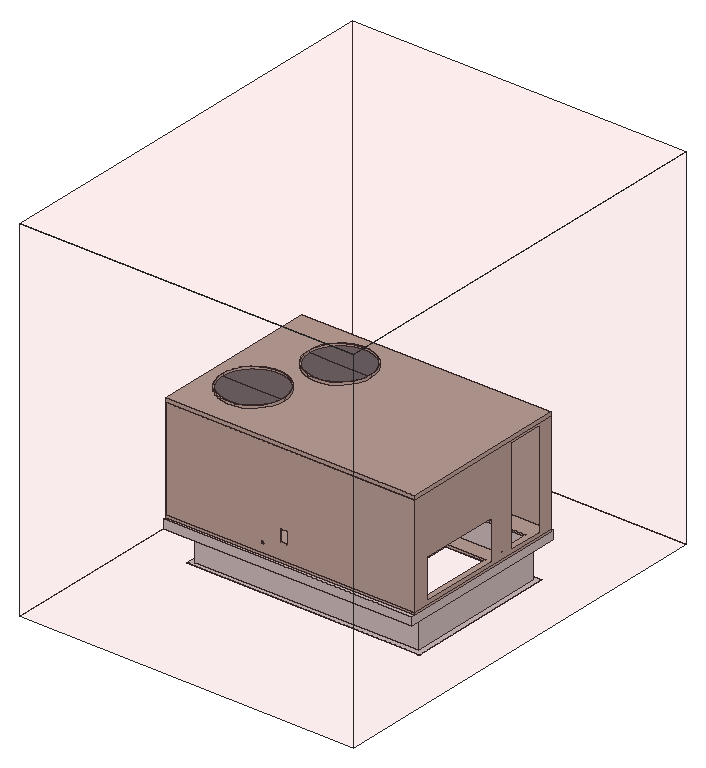
Revit family "CDR-ZYA7, ZX08, ZY07, XY07, XYA7", category Mechanical Equipment, Revit 2018
Family settings
  Round Connector Dimension = Use Diameter
  Part Type = Normal
  Work Plane-Based = No
  Always vertical = Yes
  Cut with Voids When Loaded = No
  Shared = No
  Room Calculation Point = No
Parameters (values of type "ZX08 - 7.5 Ton")
  Width = 61.690"  # constant formula
  Voltage = 208 V
  URL = "www.johnsoncontrols.com"
  Temperature Rise Range [instance] = 0 °F
  Supply Fan HP = 0 VA
  Supply Fan Full Load Current = 0 A
  Supply Air Connection Width (Optional) = 28 97/256"  # constant formula
  Supply Air Connection Width = 14"  # constant formula
  Supply Air Connection Height (Optional) = 13 225/256"  # constant formula
  Supply Air Connection Height = 28 3/4"  # constant formula
  Steady State Efficiency [instance] = 0
  Static Resistance [instance] = 0
  Standard Capacity Evaporator [instance] = "0"
  Show Clearance [instance] = yes
  Serial Number [instance] = ""
  Seasonal Energy Efficiency Rating [instance] = 0
  Return Air Dry Bulb Temperature [instance] = 0 °F
  Return Air Connection Width (Optional) = 12 161/256"  # constant formula
  Return Air Connection Width = 36 97/256"  # constant formula
  Return Air Connection Height (Optional) = 33 3/4"  # constant formula
  Return Air Connection Height = 12 161/256"  # constant formula
  Refrigerant Used = "R-410A"  # constant formula
  Refrigerant Charge System Two = 4.75 lbf
  Refrigerant Charge System One = 4.50 lbf
  Product Page URL = ""
  Product Documentation Link = ""
  Power Factor = 1  # constant formula
  Outdoor Ambient Temperature [instance] = 0 °F
  Outdoor Air Wet Bulb Temperature [instance] = 0 °F
  Operating Weight = 791.00 lbf
  OmniClass Title = "Packaged Rooftop Air Conditioning Units"  # constant formula
  OmniClass Number = "23.75.10.24.21.27.14"  # constant formula
  Number of Poles = 3
  Nominal Cooling Capacity = 7.5 ton
  Model = "ZX08"
  Maximum Overcurrent Protection = 0 A
  Manufacturer = "Johnson Controls, Inc."  # constant formula
  Length = 87.180"  # constant formula
  Keynote = ""
  Integrated Part Load Value = 0
  Height = 40.560"  # constant formula
  Gas Heating Performance MBH Output = 0 Btu/h
  Gas Heating Performance MBH Input = 0 Btu/h
  Gas Connection Diameter = 3/4"  # constant formula
  Frame Finish = Paint - JCI - Powder Coated - Galvanized Steel
  Filter Type = "2\""
  Filter Size and Quantity = "(16 x 20 x 2) - 4"  # constant formula
  Family Revision Date = "10/31/2017"  # constant formula
  Exhaust Fan HP [instance] = 0 VA
  Exhaust Air Flow = 0 CFM
  Exhaust Air Blower Full Load Current [instance] = 0 A
  Evaporator Coil Row Count = 3
  Evaporator Coil Fins per Inch = 15  # constant formula
  External Static Pressure [instance] = 0.00 in-wg
  Energy Efficiency Rating = 0
  Design Supply Air Flow [instance] = 0 CFM
  Description = "CDR Packaged Unit - 7.5 Ton Unit"
  Curb Width = 53.500"  # constant formula
  Curb Thicknes = 1.750"  # constant formula
  Curb Length = 81.750"  # constant formula
  Curb Height [instance] = 14.000"  # constant formula
  Curb Material = Metal - JCI - Steel - Galvanized With Wood Nailer
  Curb Exists [instance] = yes
  Copyright © = "Copyright © 2001-2017 Johnson Controls"  # constant formula
  Convenience Outlet Voltage [instance] = 0 V
  Convenience Outlet Full Load Current = 0 A
  Condenser Fan Quantity = 2  # constant formula
  Condenser Fan HP = 0 VA
  Condenser Fan Full Load Current = 0 A
  Condenser Fan Drive Type = "Direct"  # constant formula
  Condenser Fan Diameter = 22.000"  # constant formula
  Condenser Coils Fins per Inch = 23  # constant formula
  Condenser Coil Rows = 1
  Condensate Drain Flow [instance] = 0 GPM
  Condensate Drain Connection Diameter = 3/4"  # constant formula
  Compressor Type = "Scroll"  # constant formula
  Compressor Size = "0"  # constant formula
  Compressor Running Load Current = 0 A
  Compressor Quantity = 2
  Compressor Maximum Continuous Current = 0 A
  Compressor Locked Rotor Current = 0 A
  Clearance Top = 72.000"
  Clearance Right = 18.000"
  Clearance Left = 12.000"
  Clearance Front = 48.000"
  Clearance Bottom [instance] = if(Curb Exists, (Curb Height - Cabinet Base Thickness), 0.000")  # 10.940"
  Clearance Back = 36.000"
  Cabinet Base Thickness = 3.060"  # constant formula
  CTRL Curb Height [instance] = if(Curb Exists, Curb Height, Cabinet Base Thickness)  # 14.000"
  Assembly Code = ""
  Actual Supply Gas Connection Flow [instance] = 0 GPM
  Actual Supply Air Flow [instance] = 0 CFM
  Actual Return Air Flow [instance] = 0 CFM
Types (3): name | Refrigerant Charge System Two | Refrigerant Charge System One | Operating Weight | Nominal Cooling Capacity | Model | Description | Compressor Quantity
  (no name) | 4.75 lbf | 4.50 lbf | 791.00 lbf | 7.5 ton | "ZX08" | "CDR Packaged Unit - 7.5 Ton Unit" | 2
  ZX08 - 7.5 Ton | 4.75 lbf | 4.50 lbf | 791.00 lbf | 7.5 ton | "ZX08" | "CDR Packaged Unit - 7.5 Ton Unit" | 2
  ZY07 - 6 Ton | 0.00 lbf | 8.50 lbf | 734.00 lbf | 6.0 ton | "ZY07" | "CDR Packaged Unit - 6 Ton Unit" | 1
Reference planes (in)
  plane 1 "Center (Front/Back)": y = 0
  plane 2 "Curb Bottom": z = 0
  plane 3 "Center (Left/Right)": x = 0
  plane 4 "Left": x = -43.59
  plane 5 "Right": x = 43.59
  plane 6 "Back": y = 30.845
  plane 7 "Front": y = -30.845
  plane 8 "Curb Top": z = 10.94
  plane 9 "Top": z = 51.5
  plane 10 "Cabinet Base": z = 14
  plane 11 "Top Inset": z = 50.25
  plane 12: z = 14.75
  plane 13 "Curb Right": x = 42.84
  plane 14 "Curb Left": x = -38.91
  plane 15 "Curb Back": y = 26.75
  plane 16 "Curb Front": y = -26.75
Forms (in)
  Sweep 1, solid, material "Metal - JCI - Steel Galvanized", detail levels fine
    path origin (0, 0, 0) x (1, 0, 0) y (0, 0, 1)
      loop
        line (0, 10.94) -> (0, 14)
    profile origin (0, 0, 12.47) x (-1, 0, 0) y (0, -1, 0)
      loop
        line (43.46, -30.845) -> (43.46, 30.845) -> (-43.48, 30.845) -> (-43.48, -30.845) -> (43.46, -30.845)
      loop
        line (42.96, -27.275) -> (42.96, 27.275) -> (-42.98, 27.275) -> (-42.98, -27.275) -> (42.96, -27.275)
  Sweep 2, solid, material "Paint - JCI - Powder Coated - Galvanized Steel" <- "Frame Finish", detail levels fine
    path origin (0, 0, 0) x (1, 0, 0) y (0, 0, 1)
      loop
        line (0, 14.75) -> (0, 50.25)
    profile origin (0, 0, 32.5) x (-1, 0, 0) y (0, -1, 0)
      loop
        line (43.59, -29.795) -> (43.59, 29.795) -> (-43.59, 29.795) -> (-43.59, -29.795) -> (43.59, -29.795)
      loop
        line (43.56, -29.765) -> (43.56, 29.765) -> (-43.56, 29.765) -> (-43.56, -29.765) -> (43.56, -29.765)
  Sweep 3, solid, material "Paint - JCI - Powder Coated - Galvanized Steel" <- "Frame Finish", detail levels fine
    path origin (0, 0, 0) x (1, 0, 0) y (0, 0, 1)
      loop
        line (0, 50.25) -> (0, 51.5)
    profile origin (0, 0, 50.875) x (-1, 0, 0) y (0, -1, 0)
      loop
        line (-43.59, -29.795) -> (43.59, -29.795) -> (43.59, 29.795) -> (-43.59, 29.795) -> (-43.59, -29.795)
      loop
        circle (17.89, -14.165) r 11
      loop
        circle (28.33, 10.735) r 11
  Sweep 4, solid, material "Paint - JCI - Powder Coated - Galvanized Steel" <- "Frame Finish", detail levels fine
    path origin (0, 0, 0) x (1, 0, 0) y (0, 0, 1)
      loop
        line (0, 14) -> (0, 14.75)
    profile origin (0, 0, 14.375) x (-1, 0, 0) y (0, -1, 0)
      loop
        line (-43.59, -29.795) -> (43.59, -29.795) -> (43.59, 29.795) -> (-43.59, 29.795) -> (-43.59, -29.795)
  Sweep 5, void
    path origin (0, 0, 0) x (1, 0, 0) y (0, 0, 1)
      loop
        line (0, 14) -> (0, 14.75)
    profile origin (0, 0, 14.375) x (-1, 0, 0) y (0, -1, 0)
      loop
        line (-40.19, -23.245) -> (-3.81109, -23.245) -> (-3.81109, -10.61609) -> (-40.19, -10.61609) -> (-40.19, -23.245)
      loop
        line (-40.19, -5.39609) -> (-26.19, -5.39609) -> (-26.19, 23.35391) -> (-40.19, 23.35391) -> (-40.19, -5.39609)
      loop
        circle (-18.3, -7.895) r 0.375
  Extrusion 6, void
    sketch origin (0, 0, 0) x (1, 0, 0) y (0, 0, 1)
      loop
        circle (-9.6, 18.23) r 0.375
      loop
        line (-3.38, 20.42) -> (-1.05, 20.42) -> (-1.05, 24.65) -> (-3.38, 24.65) -> (-3.38, 20.42)
    from 20.02836 to 30.845
  Extrusion 7, solid, material "Paint - JCI - Powder Coated - Galvanized Steel" <- "Frame Finish", detail levels fine
    sketch origin (-43.59, 0, 0) x (0, 1, 0) y (0, 0, 1)
      loop
        circle (-25.135, 38.07) r 0.69
      loop
        line (-23.895, 31.94) -> (-26.815, 31.94) -> (-26.815, 27.25) -> (-23.895, 27.25) -> (-23.895, 31.94)
    from -0.1 to 0
  Extrusion 8, void
    sketch origin (0, 0, 0) x (0, 1, 0) y (0, 0, 1)
      loop
        line (12.23609, 49.69) -> (12.23609, 15.94) -> (24.865, 15.94) -> (24.865, 49.69) -> (12.23609, 49.69)
      loop
        line (-24.33281, 29.81891) -> (-24.33281, 15.94) -> (4.04609, 15.94) -> (4.04609, 29.81891) -> (-24.33281, 29.81891)
      loop
        circle (8.255, 17.13) r 0.375
    from 30 to 43.59
  Sweep 9, solid, material "Metal - JCI - Steel - Galvanized With Wood Nailer" <- "Curb Material", visible <- "Curb Exists", detail levels fine
    path origin (0, 0, 0) x (1, 0, 0) y (0, 1, 0)
      loop
        line (-38.91, 26.75) -> (-38.91, -26.75) -> (42.84, -26.75) -> (42.84, 26.75) -> (-38.91, 26.75)
    profile origin (42.84, 0, 0) x (1, 0, 0) y (0, 0, 1)
      loop
        line (0, 14) -> (-1.75, 14) -> (-1.75, 0) -> (0, 0) -> (0, 0.06) -> (-1.69, 0.06) -> (-1.69, 13) -> (0, 13) -> (0, 14)
      loop
        line (-1.69, 13.06) -> (-0.06, 13.06) -> (-0.06, 13.94) -> (-1.69, 13.94) -> (-1.69, 13.06)
  Extrusion 10, solid, material "Metal - JCI - Steel - Galvanized With Wood Nailer" <- "Curb Material", visible <- "Curb Exists", detail levels fine
    sketch origin (0, 0, 14) x (-1, 0, 0) y (0, -1, 0)
      loop
        line (37.16, -25) -> (37.16, 25) -> (-0.902, 25) -> (-0.902, -6.531) -> (-22.277, -6.531) -> (-22.277, 25) -> (-25.277, 25) -> (-25.277, -6.531) -> (-41.09, -6.531) -> (-41.09, -9.531) -> (-0.902, -9.531) -> (-0.902, -25) -> (37.16, -25)
      loop
        circle (-18.027, -7.563) r 0.9
    from 0 to -1
Cuts and joins
  Sweep 5 cuts Sweep 4
  Extrusion 6, Extrusion 8 cuts Sweep 2
  joined: Sweep 9, Extrusion 10
Lines and regions (in)
  model lines, detail levels coarse+medium
    curve 1: line (-43.59, -30.845, 51.5) -> (43.59, -30.845, 51.5)
    curve 2: line (-43.59, -30.845, 10.94) -> (-43.59, -30.845, 51.5)
    curve 3: line (43.59, -30.845, 10.94) -> (-43.59, -30.845, 10.94)
    curve 4: line (43.59, -30.845, 51.5) -> (43.59, -30.845, 10.94)
    curve 5: line (-43.59, 30.845, 51.5) -> (43.59, 30.845, 51.5)
    curve 6: line (-43.59, 30.845, 10.94) -> (-43.59, 30.845, 51.5)
    curve 7: line (43.59, 30.845, 10.94) -> (-43.59, 30.845, 10.94)
    curve 8: line (43.59, 30.845, 51.5) -> (43.59, 30.845, 10.94)
    curve 9: line (43.59, -30.845, 51.5) -> (43.59, 30.845, 51.5)
    curve 10: line (43.59, -30.845, 10.94) -> (43.59, -30.845, 51.5)
    curve 11: line (43.59, 30.845, 10.94) -> (43.59, -30.845, 10.94)
    curve 12: line (43.59, 30.845, 51.5) -> (43.59, 30.845, 10.94)
    curve 13: line (-43.59, -30.845, 51.5) -> (-43.59, 30.845, 51.5)
    curve 14: line (-43.59, -30.845, 10.94) -> (-43.59, -30.845, 51.5)
    curve 15: line (-43.59, 30.845, 10.94) -> (-43.59, -30.845, 10.94)
    curve 16: line (-43.59, 30.845, 51.5) -> (-43.59, 30.845, 10.94)
  model lines, visible <- "Curb Exists", detail levels coarse+medium
    curve 17: line (-38.91, -26.75, 14) -> (42.84, -26.75, 14)
    curve 18: line (-38.91, -26.75, 0) -> (-38.91, -26.75, 14)
    curve 19: line (42.84, -26.75, 0) -> (-38.91, -26.75, 0)
    curve 20: line (42.84, -26.75, 14) -> (42.84, -26.75, 0)
    curve 21: line (-38.91, 26.75, 0) -> (42.84, 26.75, 0)
    curve 22: line (-38.91, 26.75, 14) -> (-38.91, 26.75, 0)
    curve 23: line (42.84, 26.75, 14) -> (-38.91, 26.75, 14)
    curve 24: line (42.84, 26.75, 0) -> (42.84, 26.75, 14)
    curve 25: line (42.84, -26.75, 0) -> (42.84, 26.75, 0)
    curve 26: line (42.84, -26.75, 14) -> (42.84, -26.75, 0)
    curve 27: line (42.84, 26.75, 14) -> (42.84, -26.75, 14)
    curve 28: line (42.84, 26.75, 0) -> (42.84, 26.75, 14)
    curve 29: line (-38.91, -26.75, 0) -> (-38.91, 26.75, 0)
    curve 30: line (-38.91, -26.75, 14) -> (-38.91, -26.75, 0)
    curve 31: line (-38.91, 26.75, 14) -> (-38.91, -26.75, 14)
    curve 32: line (-38.91, 26.75, 0) -> (-38.91, 26.75, 14)
  model lines, detail levels fine
    curve 33: line (1.68, -29.795, 50.25) -> (1.68, -29.795, 14.75)
    curve 34: line (-0.29, -29.795, 50.25) -> (-0.29, -29.795, 14.75)
    curve 35: line (-0.26, 29.795, 50.25) -> (-0.26, 29.795, 14.75)
    curve 36: line (1.63, 29.795, 50.25) -> (1.63, 29.795, 14.75)
    curve 37: line (1.63, 29.795, 35.32) -> (43.59, 29.795, 35.32)
    curve 38: line (1.63, 29.795, 36.01) -> (43.59, 29.795, 36.01)
Dimensions and locks (in)
  equal spacing: plane 4 "Left", plane 3 "Center (Left/Right)", plane 5 "Right"
  "Length": plane 4 "Left" to plane 5 "Right"
  equal spacing: plane 7 "Front", plane 1 "Center (Front/Back)", plane 6 "Back"
  "Width": plane 7 "Front" to plane 6 "Back"
  "Height": plane 9 "Top" to plane 8 "Curb Top"
  "Cabinet Base Thickness": plane 10 "Cabinet Base" to plane 8 "Curb Top"
  locked: plane 4 "Left" to Sweep 1 sketch curve at 0.13
  locked: Sweep 1 sketch curve to plane 5 "Right" at 0.11
  locked: Sweep 1 sketch curve to Sweep 1 sketch curve at 3.57  (x2)
  locked: Sweep 1 sketch curve to Sweep 1 sketch curve at 0.5  (x2)
  locked: Sweep 2 sketch curve to plane 6 "Back" at 1.05
  locked: plane 7 "Front" to Sweep 2 sketch curve at 1.05
  locked: Sweep 2 sketch curve to Sweep 2 sketch curve at 0.03  (x4)
  locked: plane 9 "Top" to plane 11 "Top Inset" at 1.25
  locked: plane 12 to plane 10 "Cabinet Base" at 0.75
  "Return Air Connection Height": Sweep 5 sketch curve to Sweep 5 sketch curve
  locked: Sweep 5 sketch curve to Sweep 5 sketch curve at 5.22
  "Supply Air Connection Height": Sweep 5 sketch curve to Sweep 5 sketch curve
  locked: Sweep 3 to Sweep 5 sketch curve at 6.55
  locked: Sweep 5 sketch curve to plane 5 "Right" at 3.4  (x2)
  "Supply Air Connection Width": Sweep 5 sketch curve to Sweep 5 sketch curve
  "Return Air Connection Width": Sweep 5 sketch curve to Sweep 5 sketch curve
  locked: Sweep 5 sketch curve to plane 5 "Right" at 25.29
  locked: Sweep 3 to Sweep 5 sketch curve at 21.9
  locked: Sweep 3 sketch curve to plane 6 "Back" at 16.68
  locked: plane 4 "Left" to Sweep 3 sketch curve at 25.7
  locked: Extrusion 6 sketch curve to plane 4 "Left" at 33.99
  locked: Extrusion 6 sketch curve to plane 8 "Curb Top" at 7.29
  locked: Extrusion 6 sketch curve to Extrusion 6 sketch curve at 4.23
  locked: Extrusion 6 sketch curve to plane 4 "Left" at 40.21
  locked: Extrusion 6 sketch curve to Extrusion 6 sketch curve at 2.33
  locked: Extrusion 6 sketch curve to plane 8 "Curb Top" at 9.48
  locked: Extrusion 7 sketch curve to plane 8 "Curb Top" at 27.13
  locked: Extrusion 7 sketch curve to cut or joined group of Sweep 2, Extrusion 6, Extrusion 8 at 4.66
  locked: Extrusion 8 sketch curve to plane 8 "Curb Top" at 5  (x2)
  "Return Air Connection Height (Optional)": Extrusion 8 sketch curve to Extrusion 8 sketch curve
  "Supply Air Connection Height (Optional)": Extrusion 8 sketch curve to Extrusion 8 sketch curve
  locked: Extrusion 8 sketch curve to plane 8 "Curb Top" at 6.19
  locked: cut or joined group of Sweep 2, Extrusion 6, Extrusion 8 to Extrusion 8 sketch curve at 38.05
  locked: Extrusion 8 sketch curve to cut or joined group of Sweep 2, Extrusion 6, Extrusion 8 at 4.93
  "Return Air Connection Width (Optional)": Extrusion 8 sketch curve to Extrusion 8 sketch curve
  locked: Extrusion 8 sketch curve to Extrusion 8 sketch curve at 8.19
  "Supply Air Connection Width (Optional)": Extrusion 8 sketch curve to Extrusion 8 sketch curve
  "Curb Length": plane 14 "Curb Left" to plane 13 "Curb Right"
  equal spacing: plane 16 "Curb Front", plane 1 "Center (Front/Back)", plane 15 "Curb Back"
  "Curb Width": plane 16 "Curb Front" to plane 15 "Curb Back"
  "Curb Thicknes": Sweep 9 sketch curve to profile plane
  "Curb Height": Sweep 9 sketch curve to profile plane
  locked: Sweep 9 sketch curve to Sweep 9 sketch curve at 1
  locked: Sweep 9 sketch curve to Sweep 9 sketch curve at 0.06  (x6)
  "CTRL Curb Height": plane 10 "Cabinet Base" to plane 2 "Curb Bottom"
  locked: Extrusion 10 sketch curve to Sweep 9 at 15.469
  locked: Extrusion 10 sketch curve to Extrusion 10 sketch curve at 3  (x3)
  locked: Extrusion 10 sketch curve to Sweep 9 at 40.188
  locked: Extrusion 10 sketch curve to Sweep 9 at 15.813
  locked: Extrusion 10 sketch curve to plane 13 "Curb Right" at 24.813
  plane 16 "Curb Front" to Extrusion 10 sketch curve = 34.313"
  locked: Extrusion 7 sketch curve to plane 7 "Front" at 4.03
  locked: Extrusion 7 sketch curve to Extrusion 7 sketch curve at 2.92
  locked: Extrusion 7 sketch curve to plane 8 "Curb Top" at 16.31
  locked: Extrusion 7 sketch curve to Extrusion 7 sketch curve at 4.69
  locked: Extrusion 7 to plane 4 "Left" at 0.1
  nested 2 to plane 7 "Front" = 48.000"
  plane 6 "Back" to nested 2 = 36.000"
  plane 5 "Right" to nested 2 = 18.000"
  nested 2 to plane 4 "Left" = 12.000"
  "Curb Height": curve 17 to plane 2 "Curb Bottom"
  "Curb Height": curve 23 to plane 2 "Curb Bottom"
  "Curb Height": curve 27 to plane 2 "Curb Bottom"
  "Curb Height": curve 31 to plane 2 "Curb Bottom"
  locked: plane 4 "Left" to nested 1 at 25.7
  locked: nested 1 to plane 6 "Back" at 16.68
  locked: plane 5 "Right" to curve 33 at 41.91
  locked: plane 5 "Right" to curve 34 at 43.88
  locked: curve 35 to plane 4 "Left" at 43.33
  locked: curve 36 to plane 4 "Left" at 45.22
  locked: plane 8 "Curb Top" to curve 37 at 24.38
  locked: plane 8 "Curb Top" to curve 38 at 25.07
  locked: Sweep 3 sketch curve to plane 6 "Back" at 41.58
  locked: plane 4 "Left" to Sweep 3 sketch curve at 15.26
  locked: plane 4 "Left" to nested 3 at 15.26
  locked: nested 3 to plane 6 "Back" at 41.58
  locked: plane 13 "Curb Right" to plane 5 "Right" at 0.75
  "Condensate Drain Connection Diameter": diameter of Sweep 5 sketch curve
  "Gas Connection Diameter": diameter of Extrusion 6 sketch curve
  "Condensate Drain Connection Diameter": diameter of Extrusion 8 sketch curve
  "Condenser Fan Diameter": diameter of Sweep 3 sketch curve  (x2)
  aligned and locked: level to plane 2 "Curb Bottom"
  aligned and locked: plane 8 "Curb Top" to Sweep 1 sketch curve
  aligned and locked: plane 3 "Center (Left/Right)" to Sweep 1 sketch curve
  aligned and locked: plane 10 "Cabinet Base" to Sweep 1 sketch curve
  aligned and locked: plane 6 "Back" to Sweep 1 sketch curve
  aligned and locked: Sweep 1 sketch curve to plane 7 "Front"
  aligned and locked: plane 3 "Center (Left/Right)" to Sweep 2 sketch curve
  aligned and locked: Sweep 2 sketch curve to plane 5 "Right"
  aligned and locked: plane 4 "Left" to Sweep 2 sketch curve
  aligned and locked: plane 11 "Top Inset" to Sweep 2 sketch curve
  aligned and locked: Sweep 3 sketch curve to Sweep 2  (x5)
  aligned and locked: plane 3 "Center (Left/Right)" to Sweep 3 sketch curve
  aligned and locked: plane 9 "Top" to Sweep 3 sketch curve
  aligned and locked: plane 12 to Sweep 2 sketch curve
  aligned and locked: plane 3 "Center (Left/Right)" to Sweep 4 sketch curve
  aligned and locked: plane 10 "Cabinet Base" to Sweep 4 sketch curve
  aligned and locked: plane 12 to Sweep 4 sketch curve
  aligned and locked: Sweep 4 sketch curve to Sweep 3  (x4)
  aligned and locked: plane 3 "Center (Left/Right)" to Sweep 5 sketch curve
  aligned and locked: plane 10 "Cabinet Base" to Sweep 5 sketch curve
  aligned and locked: plane 12 to Sweep 5 sketch curve
  aligned and locked: plane 9 "Top" to nested 1
  aligned and locked: plane 7 "Front" to Extrusion 6
  aligned and locked: plane 5 "Right" to Extrusion 8
  aligned and locked: plane 15 "Curb Back" to Sweep 9 sketch curve
  aligned and locked: plane 14 "Curb Left" to Sweep 9 sketch curve
  aligned and locked: Sweep 9 sketch curve to plane 16 "Curb Front"
  aligned and locked: Sweep 9 sketch curve to plane 13 "Curb Right"
  aligned and locked: profile plane to Sweep 9 sketch curve  (x2)
  aligned and locked: Sweep 9 sketch curve to profile plane
  aligned and locked: Sweep 9 to Extrusion 10 sketch curve  (x4)
  aligned and locked: Extrusion 10 to plane 10 "Cabinet Base"
  aligned and locked: Sweep 9 to Extrusion 10
  aligned and locked: Extrusion 10 sketch curve to Extrusion 10 sketch curve
  aligned and locked: Extrusion 10 sketch curve to Sweep 9
  aligned and locked: plane 4 "Left" to Extrusion 7
  aligned and locked: plane 8 "Curb Top" to nested 2
  aligned and locked: curve 1 to plane 9 "Top"
  aligned and locked: plane 4 "Left" to curve 2
  aligned and locked: plane 8 "Curb Top" to curve 3
  aligned and locked: curve 4 to plane 5 "Right"
  aligned and locked: curve 5 to plane 9 "Top"
  aligned and locked: plane 4 "Left" to curve 6
  aligned and locked: plane 8 "Curb Top" to curve 7
  aligned and locked: curve 8 to plane 5 "Right"
  aligned and locked: curve 9 to plane 9 "Top"
  aligned and locked: curve 10 to plane 7 "Front"
  aligned and locked: plane 8 "Curb Top" to curve 11
  aligned and locked: plane 6 "Back" to curve 12
  aligned and locked: curve 13 to plane 9 "Top"
  aligned and locked: curve 14 to plane 7 "Front"
  aligned and locked: plane 8 "Curb Top" to curve 15
  aligned and locked: plane 6 "Back" to curve 16
  aligned and locked: plane 14 "Curb Left" to curve 18
  aligned and locked: plane 2 "Curb Bottom" to curve 19
  aligned and locked: curve 20 to plane 13 "Curb Right"
  aligned and locked: curve 21 to plane 2 "Curb Bottom"
  aligned and locked: curve 22 to plane 14 "Curb Left"
  aligned and locked: plane 13 "Curb Right" to curve 24
  aligned and locked: curve 25 to plane 2 "Curb Bottom"
  aligned and locked: plane 16 "Curb Front" to curve 26
  aligned and locked: curve 28 to plane 15 "Curb Back"
  aligned and locked: curve 29 to plane 2 "Curb Bottom"
  aligned and locked: plane 16 "Curb Front" to curve 30
  aligned and locked: curve 32 to plane 15 "Curb Back"
  aligned and locked: plane 11 "Top Inset" to curve 33
  aligned and locked: plane 12 to curve 33
  aligned and locked: plane 11 "Top Inset" to curve 35
  aligned and locked: plane 12 to curve 35
  aligned and locked: plane 5 "Right" to curve 37
  aligned and locked: plane 5 "Right" to curve 38
  aligned and locked: curve 36 to curve 38
  aligned and locked: plane 11 "Top Inset" to curve 36
  aligned and locked: plane 12 to curve 36
  aligned and locked: plane 11 "Top Inset" to curve 34
  aligned and locked: plane 12 to curve 34
  aligned and locked: plane 9 "Top" to nested 3
Automatic sketch dimensions
  radius of Extrusion 10 sketch curve = 0.900"
  radius of Extrusion 7 sketch curve = 0.690"
Nested families (in)
  nested 1: "CDR-JCI-Condenser_Fan" at (-17.89, 14.165, 51.5), type "Fan"
    with Radius 2 10.750", Radius 11.000", Height 0.840", Diameter 22.000"
  nested 2: "Include Clearance" at (0, 0, 10.94), visible <- "Show Clearance", type "Include Clearance"
    with Width 87.180", Height 40.560", Depth 61.690", Clearance Top 72.000", Clearance Right 18.000", Clearance Left 12.000", Clearance Front 48.000", Clearance Bottom 10.940", Clearance Back 36.000"
  nested 3: "CDR-JCI-Condenser_Fan" at (-28.33, -10.735, 51.5), type "Fan"
    with Radius 2 10.750", Radius 11.000", Height 0.840", Diameter 22.000"
Connectors (in)
  hvac at (22.00055, 16.93055, 14), driven by "Return Air Connection Height", driven by "Return Air Connection Width", driven by "Actual Return Air Flow"
    settings: on cut or joined group of Sweep 4, Sweep 5, index 1, duct flow 0 CFM, flow factor 0, pres drop 0.00 in-wg, loss coef 0, conn angle 0.00°, conn width 36 97/256", conn height 12 161/256", conn diameter 24", duct sys type 2, conn prof type 1, flow config 0, flow direction 1, loss method 0, conn ref index -1, conn util no, is conn primary yes, conn desc "Return Air"
  hvac at (33.19, -8.97891, 14), driven by "Supply Air Connection Height", driven by "Supply Air Connection Width", driven by "Actual Supply Air Flow"
    settings: on cut or joined group of Sweep 4, Sweep 5, index 2, duct flow 0 CFM, flow factor 0, pres drop 0.00 in-wg, loss coef 0, conn angle 0.00°, conn width 14", conn height 28 3/4", conn diameter 24", duct sys type 1, conn prof type 1, flow config 0, flow direction 2, loss method 0, conn ref index -1, conn util no, is conn primary no, conn desc "Supply Air"
  hvac at (43.59, 18.55055, 32.815), driven by "Return Air Connection Height (Optional)", driven by "Return Air Connection Width (Optional)"
    settings: on cut or joined group of Sweep 2, Extrusion 6, Extrusion 8, index 4, duct flow 0 CFM, flow factor 0, pres drop 0.00 in-wg, loss coef 0, conn angle 0.00°, conn width 12 161/256", conn height 33 3/4", conn diameter 24", duct sys type 2, conn prof type 1, flow config 0, flow direction 1, loss method 0, conn ref index -1, conn util no, is conn primary no, conn desc "Return Air (Optional)"
  hvac at (43.59, -10.14336, 22.87945), driven by "Supply Air Connection Width (Optional)", driven by "Supply Air Connection Height (Optional)"
    settings: on cut or joined group of Sweep 2, Extrusion 6, Extrusion 8, index 5, duct flow 0 CFM, flow factor 0, pres drop 0.00 in-wg, loss coef 0, conn angle 0.00°, conn width 28 97/256", conn height 13 225/256", conn diameter 24", duct sys type 1, conn prof type 1, flow config 0, flow direction 2, loss method 0, conn ref index -1, conn util no, is conn primary no, conn desc "Supply Air (Optional)"
  piping at (-9.6, -29.795, 18.23), diameter 0.75, driven by "Actual Supply Gas Connection Flow", driven by "Gas Connection Diameter"
    settings: on cut or joined group of Sweep 2, Extrusion 6, Extrusion 8, index 6, connector inside diameter 24", connector length 0.000", flow factor 0, pipe flow 0 GPM, pressure drop 0.00 psi, fitting loss kfactor 0, connector angle 0.00°, fixture units 0, engagement length 0.000", angle of deflection 0.00°, flow configuration 0, flow direction 1, fitting loss method 0, system type 7, joint type 0, gender type 0, connector reference index -1, connector utility 0, adjustable connector no, is connector primary yes, connector description "Gas Inlet"
  piping at (18.3, 7.895, 14), diameter 0.75, driven by "Condensate Drain Flow", driven by "Condensate Drain Connection Diameter"
    settings: on cut or joined group of Sweep 4, Sweep 5, index 7, connector inside diameter 24", connector length 0.000", flow factor 0, pipe flow 0 GPM, pressure drop 0.00 psi, fitting loss kfactor 0, connector angle 0.00°, fixture units 0, engagement length 0.000", angle of deflection 0.00°, flow configuration 1, flow direction 2, fitting loss method 0, system type 16, joint type 0, gender type 0, connector reference index -1, connector utility 0, adjustable connector yes, is connector primary no, connector description "Condensate Drain"
  piping at (43.59, 8.255, 17.13), diameter 0.75, driven by "Condensate Drain Connection Diameter"
    settings: on cut or joined group of Sweep 2, Extrusion 6, Extrusion 8, index 8, connector inside diameter 24", connector length 0.000", flow factor 0, pipe flow 0 GPM, pressure drop 0.00 psi, fitting loss kfactor 0, connector angle 0.00°, fixture units 0, engagement length 0.000", angle of deflection 0.00°, flow configuration 1, flow direction 2, fitting loss method 0, system type 16, joint type 0, gender type 0, connector reference index -1, connector utility 0, adjustable connector yes, is connector primary no, connector description "Condensate Drain (Optional)"
  electrical at (-43.69, -25.135, 38.07), driven by "Number of Poles", driven by "Voltage", driven by "Power Factor"
    settings: on Extrusion 7, index 9, voltage 208 V, apparent load 0 VA, apparent load phase1 0 VA, apparent load phase2 0 VA, apparent load phase3 0 VA, power factor 1, load classification "Power", number of poles 3, system type 30, power factor state 1, is connector primary yes, connector utility no, sub classification motor no, connector description "Power Entry"
  electrical at (-43.69, -25.355, 29.595), driven by "Number of Poles", driven by "Convenience Outlet Voltage", driven by "Power Factor"
    settings: on Extrusion 7, index 10, voltage 0 V, apparent load 0 VA, apparent load phase1 0 VA, apparent load phase2 0 VA, apparent load phase3 0 VA, power factor 1, load classification "Power", number of poles 3, system type 30, power factor state 1, is connector primary no, connector utility no, sub classification motor no, connector description "Convenience Outlet Power"
Definition of nested family "CDR-JCI-Condenser_Fan"
  Parameters (values of type "Fan")
    Radius 2 = Radius - 0.250"  # 11.630"
    Radius = if(1 = 1, Diameter / 2, 1.000")  # 11.880"
    Height = 1.250"
    Frame Material = none
    Fan Blade Material = none
    Diameter = 23.760"
    Assembly Code = ""
  Reference planes (in)
    plane 1 "Center (Front/Back)": y = 0
    plane 2 "Bottom": z = 0
    plane 3 "Center (Left/Right)": x = 0
    plane 4 "Back": y = 11.88
    plane 5 "Front": y = -11.88
    plane 6 "Left": x = -11.88
    plane 7 "Right": x = 11.88
    plane 8 "Top": z = 1.25
    plane 9 "Right Inset": x = 11.63
    plane 10 "Top Inset": z = 0.75
  Forms (in)
    Revolve 1, solid, material <- "Fan Blade Material", detail levels fine
      sketch origin (0, 0, 0) x (1, 0, 0) y (0, 0, 1)
        loop
          line (0, 0.75) -> (0, 0) -> (11.63, 0) -> (11.63, 0.75) -> (0, 0.75)
        axis (0, 0.75) -> (0, 0)
      angle from 0 to 360
    Revolve 2, solid, material <- "Frame Material", detail levels fine
      sketch origin (0, 0, 0) x (1, 0, 0) y (0, 0, 1)
        loop
          line (11.63, 0) -> (11.88, 0) -> (11.88, 1.25) -> (11.63, 1.25) -> (11.63, 0)
        axis (0, 1.25) -> (0, 0)
      angle from 0 to 360
    Revolve 3, solid, material <- "Frame Material", detail levels medium
      sketch origin (0, 0, 0) x (1, 0, 0) y (0, 0, 1)
        loop
          line (0, 1.25) -> (0, 0) -> (11.88, 0) -> (11.88, 1.25) -> (0, 1.25)
        axis (0, 1.25) -> (0, 0)
      angle from 0 to 360
  Lines and regions (in)
    Masking region 1
      outline origin (0, 0, 0) x (1, 0, 0) y (0, 1, 0)
        loop
          circle (0, 0) r 11.88
    Masking region 2
      outline origin (0, 0, 0) x (1, 0, 0) y (0, 0, 1)
        loop
          line (-11.88, 1.25) -> (-11.88, 0) -> (11.88, 0) -> (11.88, 1.25) -> (-11.88, 1.25)
    Masking region 3
      outline origin (0, 0, 0) x (0, 1, 0) y (0, 0, 1)
        loop
          line (-11.88, 1.25) -> (-11.88, 0) -> (11.88, 0) -> (11.88, 1.25) -> (-11.88, 1.25)
    model lines, detail levels coarse
      curve 1: circle (0, 0, 0) r 11.88 normal (0, 0, 1)
      curve 2: circle (0, 0, 1.25) r 11.88 normal (0, 0, 1)
      curve 3: line (11.88, 0, 1.25) -> (11.88, 0, 0)
      curve 4: line (-11.88, 0, 1.25) -> (-11.88, 0, 0)
      curve 5: line (0, 11.88, 1.25) -> (0, 11.88, 0)
      curve 6: line (0, -11.88, 1.25) -> (0, -11.88, 0)
    symbolic lines, detail levels fine
      curve 7: circle (0, 0, 0) r 11.63 normal (0, 0, 1)
  Dimensions and locks (in)
    equal spacing: plane 5 "Front", plane 1 "Center (Front/Back)", plane 4 "Back"
    "Diameter": plane 5 "Front" to plane 4 "Back"
    equal spacing: plane 6 "Left", plane 3 "Center (Left/Right)", plane 7 "Right"
    "Diameter": plane 6 "Left" to plane 7 "Right"
    "Height": plane 8 "Top" to plane 2 "Bottom"
    locked: plane 9 "Right Inset" to plane 7 "Right" at 0.25
    locked: plane 8 "Top" to plane 10 "Top Inset" at 0.5
    "Radius": plane 3 "Center (Left/Right)" to curve 1
    "Radius": curve 1 to plane 1 "Center (Front/Back)"
    "Radius": curve 2 to plane 1 "Center (Front/Back)"
    "Radius": plane 3 "Center (Left/Right)" to curve 2
    "Radius": plane 3 "Center (Left/Right)" to Masking region 1 sketch curve
    "Radius": plane 1 "Center (Front/Back)" to Masking region 1 sketch curve
    "Radius 2": plane 3 "Center (Left/Right)" to curve 7
    "Radius 2": plane 1 "Center (Front/Back)" to curve 7
    "Radius": radius of curve 1
    "Radius": radius of curve 2
    "Radius": radius of Masking region 1 sketch curve
    "Radius 2": radius of curve 7
    aligned and locked: Revolve 1 sketch curve to plane 3 "Center (Left/Right)"
    aligned and locked: Revolve 1 sketch curve to Revolve 1 sketch curve
    aligned and locked: plane 2 "Bottom" to Revolve 1 sketch curve
    aligned and locked: Revolve 2 sketch curve to plane 3 "Center (Left/Right)"
    aligned and locked: Revolve 2 sketch curve to plane 8 "Top"
    aligned and locked: plane 2 "Bottom" to Revolve 2 sketch curve
    aligned and locked: plane 7 "Right" to Revolve 2 sketch curve
    aligned and locked: Revolve 2 sketch curve to plane 9 "Right Inset"
    aligned and locked: plane 9 "Right Inset" to Revolve 1 sketch curve
    aligned and locked: Revolve 1 sketch curve to plane 10 "Top Inset"
    aligned and locked: Revolve 3 sketch curve to plane 3 "Center (Left/Right)"
    aligned and locked: Revolve 3 sketch curve to Revolve 3 sketch curve
    aligned and locked: plane 2 "Bottom" to Revolve 3 sketch curve
    aligned and locked: plane 7 "Right" to Revolve 3 sketch curve
    aligned and locked: Revolve 3 sketch curve to plane 8 "Top"
    aligned and locked: plane 2 "Bottom" to curve 3
    aligned and locked: plane 2 "Bottom" to curve 4
    aligned and locked: plane 8 "Top" to curve 3
    aligned and locked: plane 8 "Top" to curve 4
    aligned and locked: plane 7 "Right" to curve 3
    aligned and locked: curve 4 to plane 6 "Left"
    aligned and locked: plane 2 "Bottom" to curve 5
    aligned and locked: plane 8 "Top" to curve 5
    aligned and locked: plane 2 "Bottom" to curve 6
    aligned and locked: plane 8 "Top" to curve 6
    aligned and locked: curve 5 to plane 4 "Back"
    aligned and locked: plane 5 "Front" to curve 6
    aligned and locked: Masking region 2 sketch curve to plane 8 "Top"
    aligned and locked: plane 2 "Bottom" to Masking region 2 sketch curve
    aligned and locked: plane 7 "Right" to Masking region 2 sketch curve
    aligned and locked: plane 6 "Left" to Masking region 2 sketch curve
    aligned and locked: Masking region 3 sketch curve to plane 8 "Top"
    aligned and locked: Masking region 3 sketch curve to plane 4 "Back"
    aligned and locked: plane 2 "Bottom" to Masking region 3 sketch curve
    aligned and locked: Masking region 3 sketch curve to plane 5 "Front"
  Automatic sketch dimensions
    Revolve 1 sketch curve to level = 24.000"
    Revolve 1 sketch curve to Revolve 1 sketch curve = 87.70035"
    Revolve 2 sketch curve to level = 24.000"
    plane 8 "Top" to Revolve 2 sketch curve = 87.20035"
    Revolve 3 sketch curve to level = 24.000"
    Revolve 3 sketch curve to Revolve 3 sketch curve = 87.20035"
Definition of nested family "Include Clearance"
  Parameters (values of type "Include Clearance")
    Width = 74.050"
    Height = 32.530"
    Depth = 48.880"
    Default Elevation = 48.000"
    Clearance Top = 120.000"
    Clearance Right = 60.000"
    Clearance Material = none
    Clearance Left = 60.000"
    Clearance Front = 60.000"
    Clearance Bottom = 36.000"
    Clearance Back = 60.000"
    Assembly Code = ""
  Reference planes (in)
    plane 1 "Center (Front/Back)": y = 0
    plane 2 "Bottom": z = 0
    plane 3 "Center (Left/Right)": x = 0
    plane 4 "Clearance Front": y = -84.44
    plane 5 "Top": z = 32.53
    plane 6 "Back": y = 24.44
    plane 7 "Left": x = -37.025
    plane 8 "Front": y = -24.44
    plane 9 "Right": x = 37.025
    plane 10 "Clearance Back": y = 84.44
    plane 11 "Clearance Left": x = -97.025
    plane 12 "Clearance Right": x = 97.025
    plane 13 "Clearance Top": z = 152.53
    plane 14 "Clearance Bottom": z = -36
  Forms (in)
    Extrusion 1, solid, material <- "Clearance Material"
      sketch origin (0, 0, 32.53) x (-1, 0, 0) y (0, -1, 0)
        loop
          line (97.025, -84.44) -> (97.025, 84.44) -> (-97.025, 84.44) -> (-97.025, -84.44) -> (97.025, -84.44)
      from -68.53 to 120
  Lines and regions (in)
    symbolic lines
      curve 1: line (-97.025, 84.44, 32.53) -> (97.025, 84.44, 32.53)
      curve 2: line (-97.025, -84.44, 32.53) -> (-97.025, 84.44, 32.53)
      curve 3: line (97.025, -84.44, 32.53) -> (-97.025, -84.44, 32.53)
      curve 4: line (97.025, 84.44, 32.53) -> (97.025, -84.44, 32.53)
      curve 5: line (-97.025, 0, 152.53) -> (97.025, 0, 152.53)
      curve 6: line (-97.025, 0, -36) -> (-97.025, 0, 152.53)
      curve 7: line (97.025, 0, -36) -> (-97.025, 0, -36)
      curve 8: line (97.025, 0, 152.53) -> (97.025, 0, -36)
      curve 9: line (0, -84.44, 152.53) -> (0, 84.44, 152.53)
      curve 10: line (0, -84.44, -36) -> (0, -84.44, 152.53)
      curve 11: line (0, 84.44, -36) -> (0, -84.44, -36)
      curve 12: line (0, 84.44, 152.53) -> (0, 84.44, -36)
  Dimensions and locks (in)
    "Height": plane 5 "Top" to plane 2 "Bottom"
    "Depth": plane 6 "Back" to plane 8 "Front"
    "Width": plane 7 "Left" to plane 9 "Right"
    equal spacing: plane 7 "Left", plane 3 "Center (Left/Right)", plane 9 "Right"
    equal spacing: plane 6 "Back", plane 1 "Center (Front/Back)", plane 8 "Front"
    "Clearance Bottom": plane 2 "Bottom" to plane 14 "Clearance Bottom"
    "Clearance Top": plane 13 "Clearance Top" to plane 5 "Top"
    "Clearance Left": plane 11 "Clearance Left" to plane 7 "Left"
    "Clearance Right": plane 9 "Right" to plane 12 "Clearance Right"
    "Clearance Back": plane 10 "Clearance Back" to plane 6 "Back"
    "Clearance Front": plane 4 "Clearance Front" to plane 8 "Front"
    aligned and locked: level to plane 2 "Bottom"
    aligned and locked: Extrusion 1 sketch curve to plane 10 "Clearance Back"
    aligned and locked: Extrusion 1 sketch curve to plane 11 "Clearance Left"
    aligned and locked: Extrusion 1 sketch curve to plane 12 "Clearance Right"
    aligned and locked: Extrusion 1 sketch curve to plane 4 "Clearance Front"
    aligned and locked: Extrusion 1 to plane 14 "Clearance Bottom"
    aligned and locked: Extrusion 1 to plane 13 "Clearance Top"
    aligned and locked: curve 1 to plane 10 "Clearance Back"
    aligned and locked: curve 2 to plane 11 "Clearance Left"
    aligned and locked: curve 4 to plane 12 "Clearance Right"
    aligned and locked: curve 3 to plane 4 "Clearance Front"
    aligned and locked: curve 5 to plane 13 "Clearance Top"
    aligned and locked: curve 6 to plane 11 "Clearance Left"
    aligned and locked: curve 7 to plane 14 "Clearance Bottom"
    aligned and locked: curve 8 to plane 12 "Clearance Right"
    aligned and locked: curve 9 to plane 13 "Clearance Top"
    aligned and locked: curve 11 to plane 14 "Clearance Bottom"
    aligned and locked: curve 12 to plane 10 "Clearance Back"
    aligned and locked: curve 10 to plane 4 "Clearance Front"
